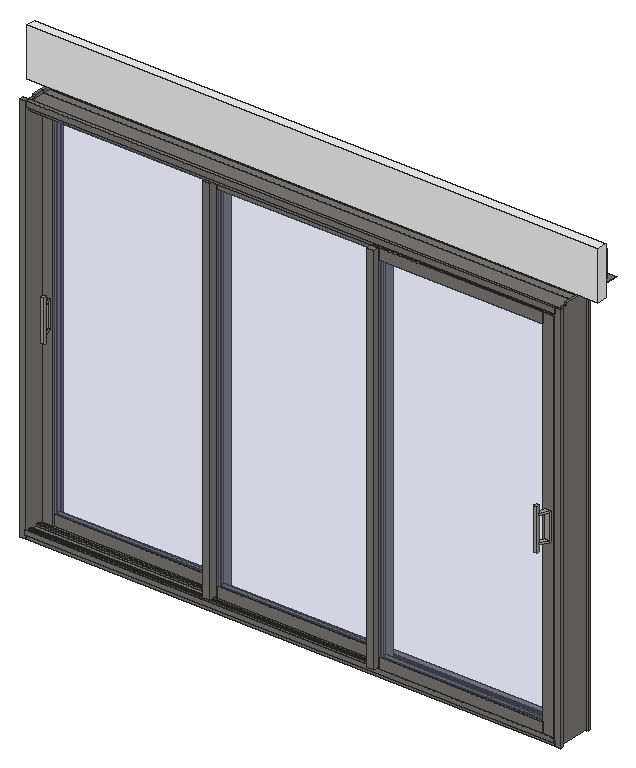
Revit family "K-LINE COULISSANT NEUF-KLBC3R-3V - Bloc Baie VR", category Fenêtres, Revit 2017
Family settings
  Hôte = Mur
  Numéro OmniClass = 23.30.20.00
  Titre OmniClass = Windows
  Toujours verticalement = Oui
  Couper avec des vides une fois chargée = Non
  Partagée = Non
  Point de calcul de pièce = Non
Parameters
  Vitrage principal = ""
  Vitrage = Verre
  Visibilité des lames [instance] = yes
  URL = "https://pro.k-line.fr/baie-coulissante-3-rails.html"
  Type porte fenêtre = Hauteur > 1600.00 mm  # yes
  Type fenêtre = not(Type porte fenêtre)  # no
  Type de pose = "ITI"
  Type d'occultation = Bloc Baie VR : Demi Linteau Optibloc SPPF
  Transmission thermique Uw = 1.4000 W/(m²·K)
  Transmission lumineuse TLw = "70%"
  Thermo G = Type d'occultation = Choix Thermo G  # no
  Symbole d'ouverture = yes
  Surface = Largeur * Hauteur  # 6.60 m²
  SAV = "https://sav.k-line.fr/"
  Retrait 40 = and(not(Optibloc 40), not(Optibloc 60))  # yes
  Rattrapage doublage = or(Doublage = 160.00 mm, and(Doublage = 200.00 mm, Optibloc 40), and(Doublage = 220.00 mm, Optibloc 60))  # no
  Product data url = "https://www.bimobject.com/k-line/product/klbc3r-3vt-bbvr"
  Position traverse inter = Position du dessus de traverse - 69.00 mm  # 931.00 mm
  Position ouv central [instance] = if(Coulissant ouvert, Largeur * 2 / 3 - 78.00 mm, Largeur / 3 + 20.00 mm)  # 1020.00 mm
  Position du dessus de traverse = 1000.00 mm
  Position doublage = if(or(Doublage = 160.00 mm, and(Optibloc 40, Doublage = 200.00 mm), and(Optibloc 60, Doublage = 220.00 mm)), 20.00 mm, 0.00 mm)  # 0.00 mm
  Position de l'ouvrant [instance] = if(Coulissant ouvert, Largeur * 2 / 3 - 182.00 mm, 4.00 mm)  # 4.00 mm
  Position coffre = if(DL Buben, 30.00 mm, if(Classic, 25.00 mm, 32.00 mm))  # 32.00 mm
  Outil de thermo-luminosité = "https://pro.k-line.fr/le-calculateur-de-performances-thermiques-thermo-luminositer.html"
  Origine France Garantie = "https://pro.k-line.fr/pdf/attestations/Attestation_definitive_OFG_K-LINE.pdf"
  Option de sous-face alu Ext = yes
  Option Sans bavette = no
  Optibloc 60 = Type d'occultation = Choix Optibloc 60  # no
  Optibloc 40 = Type d'occultation = Choix Optibloc 40  # no
  Optibloc = Type d'occultation = Choix Optibloc  # yes
  Occultation = if(Classic, "VR Classic BUBENDORFF", if(DL Buben, "VR Demi Linteau BUBENDORFF", if(Optibloc, "VR Demi Linteau Optibloc SPPF", if(Optibloc 40, "VR Demi Linteau Optibloc SPPF décalé 40 mm", if(Optibloc 60, "VR Demi Linteau Optibloc SPPF décalé 60 mm", "Thermobloc SPPF")))))  # "VR Demi Linteau Optibloc SPPF"
  Numéro de série = "K.........."
  Note d'identification = "08520"
  Nombre de traverses intermédiaires = 0.00 mm
  Neuf / Réno / Multi support = "Neuf"
  Mortaise et grille d'entrée d'air = "Non"
  Modèle = if(Classic, "KL-BC3R-3V - Bloc Baie Classic BUBENDORFF", if(DL Buben, "KL-BC3R-3V - Bloc Baie Demi Linteau BUBENDORFF", if(Optibloc, "KL-BC3R-3V - Bloc Baie Demi Linteau Optibloc SPPF", if(Optibloc 40, "KL-BC3R-3V - Bloc Baie Demi Linteau Optibloc SPPF", if(Optibloc 60, "KL-BC3R-3V - Bloc Baie Demi Linteau Optibloc SPPF", "KL-BC3R-3V - Bloc Baie Thermobloc SPPF")))))  # "KL-BC3R-3V - Bloc Baie Demi Linteau Optibloc SPPF"
  Message Hors abaques [instance] = yes
  Matériaux = "Aluminium et verre"
  Largeur ouvrant = Largeur / 3 + 36.00 mm  # 1036.00 mm
  Largeur ouv central = Largeur / 3  # 1000.00 mm
  Rough Width [instance] = Largeur  # 3000.00 mm
  Installation instructions = "https://pro.k-line.fr/notices-de-pose.html"
  Ht store = Hauteur - 16.00 mm  # 2184.00 mm
  Hors abaques Porte Fenetre = or(or(1300.00 mm > Largeur, Largeur > 3000.00 mm), or(1601.00 mm > Hauteur, Hauteur > 2400.00 mm))  # no
  Hors abaques Fenetre = or(or(1200.00 mm > Largeur, Largeur > 3000.00 mm), or(500.00 mm > Hauteur, Hauteur > 1600.00 mm))  # yes
  Hors abaques [instance] = and(if(Type fenêtre, Hors abaques Fenetre, Hors abaques Porte Fenetre), Message Hors abaques)  # no
  Hauteur ouvrant = Hauteur - Décalage traverse haute - 57.00 mm  # 2143.00 mm
  Rough Height [instance] = Hauteur  # 2200.00 mm
  Hauteur = 2200.00 mm
  Hauteur de l'appui par défaut = if(Type porte fenêtre, 0.00 mm, 800.00 mm)  # 0.00 mm
  Grande Hauteur = or(and(Hauteur > 2400.00 mm, Largeur > 2700.00 mm), and(Hauteur > 2350.00 mm, Largeur > 2900.00 mm))  # no
  Garanties = "https://www.pro.k-line.fr/pdf/Attestations-Avis_technique/Responsabilite_fabricant/Garanties_Legales_KLINE.pdf"
  Fermeture du mur = Par hôte
  Largeur = 3000.00 mm
  Famille de produit = "COULISSANT"
  Facteur solaire ScW (Hiver) = 0.56
  Fabricant = "K.LINE"
  Entretien = "https://www.pro.k-line.fr/pdf/Fiches_Entretien/Entretien_Menuiserie.pdf"
  Entreprise de pose = ""
  Dépassement lat coffre = if(or(Optibloc, Optibloc 40, Optibloc 60), 120.00 mm, if(DL Buben, 160.00 mm, 32.00 mm))  # 120.00 mm
  Décalage traverse haute = 32.00 mm - Position coffre  # 0.00 mm
  Décalage appui = if(Type fenêtre, 140.00 mm, 150.00 mm)  # 150.00 mm
  Décal appui = Doublage - Décalage appui  # 50.00 mm
  Doublages disponibles = if(Optibloc 40, "200,220 et 240mm", if(Optibloc 60, "220 et 240mm", "160,180 et 200mm"))  # "160,180 et 200mm"
  Doublage + rattrapage = Doublage + Position doublage  # 200.00 mm
  Doublage = 200.00 mm
  Description = "Fenêtre et porte fenêtre coulissante alu 3 rails"
  DL Buben = Type d'occultation = Choix DL Buben  # no
  Coulissant ouvert [instance] = no
  Couleur lames de volet = SPPF - Gris sablé 2900
  Couleur châssis Int = K.Line Tendance Gris sablé (2900) - NX
  Couleur châssis Ext = K.Line Tendance Gris sablé (2900) - NX
  Couleur Accessoire Int = K.Line Accessoires Aspect Inox - TD
  Contraintes de Largeur = if(Type fenêtre, "1200 < Largeur < 3000", "1300 < Largeur < 3000")  # "1300 < Largeur < 3000"
  Contraintes de Hauteur = if(Type fenêtre, "500 < Hauteur < 1600", "1601 < Hauteur < 2400")  # "1601 < Hauteur < 2400"
  Construction analytique = "<Aucun>"
  Rattrapage avec aile = and(Type fenêtre, Rattrapage doublage)  # no
  Composition analytique de base = "Châssis 3500x2180 - Vitrage 4/WE Argon 20/TBE 4"
  Code d'assemblage = "B2020110"
  Classic = Type d'occultation = Choix Classic  # no
  Classement AEV = "A*4 E*6B V*A3"
  Classe COV = "A+"
  Clair passage total = Largeur * 2 / 3 - 195.00 mm  # 1805.00 mm
  Choix Thermo G = Bloc Baie VR : Thermobloc Grand SPPF
  Choix Optibloc 60 = Bloc Baie VR : Demi Linteau Optibloc décalé 60 mm SPPF
  Choix Optibloc 40 = Bloc Baie VR : Demi Linteau Optibloc décalé 40 mm SPPF
  Choix Optibloc = Bloc Baie VR : Demi Linteau Optibloc SPPF
  Choix DL Buben = Bloc Baie VR : Demi Linteau BUBENDORFF
  Choix Classic = Bloc Baie VR : Classic BUBENDORFF
  Avis technique = "https://pro.k-line.fr/attestations-avis-techniques.html"
  Affaiblissement acoustique R(A,tr) = "30dB"
Reference planes
  plane 1 "Centre (avant/arrière)": y = 0
  plane 2 "Centre (gauche/droite)": x = 0
  plane 3 "Gauche": x = -1500
  plane 4 "Droite": x = 1500
  plane 5 "Appui": z = 0
  plane 6 "Tête": z = 2200
  plane 7 "Extérieur": y = 200
  plane 8 "Intérieur": y = -200
  plane 9: x = -1532
  plane 10 "Nu béton": y = 0
  plane 11: x = 1532
  plane 12: z = 2232
  plane 13: y = -5
  plane 14: y = -13
  plane 15: z = 44
  plane 16: x = 1496
  plane 17: x = -1496
  plane 18: y = -400
  plane 19: x = 480
  plane 20: x = -1620
  plane 21: x = 1620
  plane 22: z = 16
  plane 23: y = -50
  plane 24: z = -30
Forms (mm)
  Extrusion 1, void
    sketch origin (0, 0, 0) x (1, 0, 0) y (0, 1, 0)
      loop
        line (-1500, 200) -> (-1500, -50) -> (1500, -50) -> (1500, 200) -> (-1500, 200)
    from -30 to 2200
  Extrusion 2, void
    sketch origin (0, 0, 0) x (1, 0, 0) y (0, 1, 0)
      loop
        line (-1532, 0) -> (-1532, -13) -> (-1515, -13) -> (-1515, -200) -> (1515, -200) -> (1515, -13) -> (1532, -13) -> (1532, 0) -> (-1532, 0)
    from 0 to 2232
  Sweep 3, void
    path origin (0, 0, 0) x (-1, 0, 0) y (0, 0, 1)
      loop
        line (-1620, 2200) -> (1620, 2200)
    profile "Profil 2D de resa bloc baie : Profil 2D de resa bloc baie" origin (0, 0, 2200) x (0, 0, 1) y (0, 1, 0)
      loop
        line (260, 105) -> (225, 140) -> (0, 140) -> (0, -60) -> (305, -60) -> (305, 0) -> (260, 0) -> (260, 105)
Text (mm)
  text "EXTERIEUR" at (-1963.203, 1332.353, 0), in view "Niveau de réf."
  text "INTERIEUR" at (-1981.466, -818.386, 0), in view "Niveau de réf."
  text "Extérieur" at (0, 923.751, 2943.296), in view "Droite"
  text "Extérieur" at (0, 1040.484, 2685.409), in view "Gauche"
Dimensions and locks
  equal spacing: plane 3 "Gauche", plane 2 "Centre (gauche/droite)", plane 4 "Droite"
  "Largeur": plane 3 "Gauche" to plane 4 "Droite"
  "Hauteur": plane 5 "Appui" to plane 6 "Tête"
  "Hauteur de l'appui par défaut": plane 5 "Appui" to level
  locked: plane 7 "Extérieur" to host wall at 0
  locked: plane 8 "Intérieur" to host wall
  locked: plane 9 to plane 3 "Gauche" at 32
  locked: plane 4 "Droite" to plane 11 at 32
  "Doublage": plane 10 "Nu béton" to plane 8 "Intérieur"
  "Position coffre": plane 12 to plane 6 "Tête"
  locked: plane 13 to plane 10 "Nu béton" at 5
  locked: plane 10 "Nu béton" to plane 14 at 13
  locked: plane 5 "Appui" to plane 15 at 44
  "Position de l'ouvrant": plane 16 to plane 4 "Droite"
  locked: plane 3 "Gauche" to plane 17 at 4
  locked: plane 18 to plane 8 "Intérieur" at 200
  "Position ouv central": plane 19 to plane 4 "Droite"
  "Dépassement lat coffre": plane 20 to plane 3 "Gauche"
  "Dépassement lat coffre": plane 21 to plane 4 "Droite"
  locked: plane 22 to plane 5 "Appui" at 16
  "Décal appui": plane 10 "Nu béton" to plane 23
  locked: plane 24 to plane 5 "Appui" at 30
  aligned and locked: Extrusion 1 sketch curve to host wall
  aligned and locked: Extrusion 1 sketch curve to plane 3 "Gauche"
  aligned and locked: plane 4 "Droite" to Extrusion 1 sketch curve
  aligned and locked: Extrusion 1 to plane 6 "Tête"
  aligned and locked: Extrusion 2 sketch curve to plane 10 "Nu béton"
  aligned and locked: plane 9 to Extrusion 2 sketch curve
  aligned and locked: Extrusion 2 sketch curve to host wall
  aligned and locked: plane 11 to Extrusion 2 sketch curve
  aligned and locked: plane 12 to Extrusion 2
  aligned and locked: plane 5 "Appui" to Extrusion 2
  aligned and locked: Extrusion 2 sketch curve to plane 14  (x2)
  aligned and locked: nested 2 to plane 16
  aligned and locked: nested 1 to plane 17
  aligned and locked: nested 2 to plane 15
  aligned and locked: plane 15 to nested 1
  aligned and locked: nested 3 to plane 2 "Centre (gauche/droite)"
  aligned and locked: nested 3 to plane 18
  aligned and locked: nested 4 to plane 2 "Centre (gauche/droite)"
  aligned and locked: nested 1 to nested 4
  aligned and locked: nested 5 to nested 4
  aligned and locked: plane 19 to nested 5
  aligned and locked: plane 15 to nested 5
  aligned and locked: nested 2 to nested 4
  aligned and locked: nested 4 to plane 5 "Appui"
  aligned and locked: plane 2 "Centre (gauche/droite)" to nested 6
  aligned and locked: nested 6 to plane 13
  aligned and locked: plane 6 "Tête" to Sweep 3 sketch curve
  aligned and locked: nested 6 to plane 22
  aligned and locked: Extrusion 1 sketch curve to plane 23
  aligned and locked: Extrusion 1 to plane 24
  aligned and locked: nested 4 to plane 10 "Nu béton"
Automatic sketch dimensions
  plane 9 to Extrusion 2 sketch curve = 17.00 mm
  Extrusion 2 sketch curve to Extrusion 2 sketch curve = 17.00 mm
  plane 21 to Sweep 3 sketch curve = 0.00 mm
  Sweep 3 sketch curve to plane 20 = 0.00 mm
Nested families
  nested 1: "Ouvrant KLBC" at (-1496, -85, 44) x (-1, 0, 0) z (0, 0, 1), type "Ouvrant KLBC"
    with Vantail Int no, Vantail Ext yes, Renfort PF no, Position symbole 120.00 mm, Poignée PF yes, Poignée F no, Poignée CPI no, Position traverses 689.667 mm, Porte fenêtre yes, Lg vitrage 963.50 mm, Lg traverse 933.50 mm, Largeur 1036.00 mm, Ht vitrage 2047.00 mm, Ht traverse 1 931.00 mm, Hauteur 2143.00 mm, Fenêtre no
  nested 2: "Ouvrant KLBC" at (1496, -195, 44), type "Ouvrant KLBC"
    with Vantail Int yes, Vantail Ext no, Renfort PF yes, Position symbole 85.00 mm, Poignée PF yes, Poignée F no, Poignée CPI no, Position traverses 689.667 mm, Porte fenêtre yes, Lg vitrage 963.50 mm, Lg traverse 933.50 mm, Largeur 1036.00 mm, Ht vitrage 2047.00 mm, Ht traverse 1 931.00 mm, Hauteur 2143.00 mm, Fenêtre no
  nested 3: "Texte Hors abaques" at (0, -400, 0), visible <- "Hors abaques", type "Texte Hors abaques"
  nested 4: "Dormant KL-BC3R NEUF" at (0, -216.75, 0), type "Dormant KL-BC3R NEUF"
    with Retrait 40 yes, Retrait 40.00 mm, Rattrapage doublage no, Largeur 3000.00 mm, Joint en trav haute no, Ep aile rattrapage 20.00 mm, Décalage traverse haute 0.00 mm, Doublage - Retrait 160.00 mm, Aile + Rattrapage no
  nested 5: "Ouvrant central KLBC3R" at (-500, -140, 44) x (-1, 0, 0) z (0, 0, 1), type "Ouvrant central KLBC3R"
    with Lg vitrage 950.00 mm, Lg traverse 920.00 mm, Largeur 1000.00 mm
  nested 6: "Bloc Baie VR" at (0, -5, 16) x (-1, 0, 0) z (0, 0, 1), Visibilité des lames <- "Visibilité des lames", type <- "Type d'occultation", Largeur <- "Largeur", Hauteur <- "Ht store", type "Demi Linteau Optibloc SPPF"
    with Visibilité des lames yes, Largeur 3000.00 mm, Hauteur 2184.00 mm, Sous-face yes, Sous face cornière blanc no, Option Sous face yes
Definition of nested family "Ouvrant KLBC"
  Parameters (values of type "Ouvrant KLBC")
    Vitrage = none
    Visibilité ouverture = yes
    Vantail Int [instance] = not(Vantail Ext)  # no
    Vantail Ext [instance] = yes
    Renfort PF [instance] = and(Vantail Int, Porte fenêtre)  # no
    Profondeur renfort = if(Mt renforcé, 53.75 mm, 32.00 mm)  # 32.00 mm
    Position traverses = if([3 traverses], (Height - 274.00 mm) / 4 + 50.00 mm, (Height - 224.00 mm) / 3 + 50.00 mm)  # 456.333 mm
    Position symbole [instance] = if(Vantail Int, 85.00 mm, 120.00 mm)  # 120.00 mm
    Porte fenêtre = no
    Poignée PF [instance] = and(Porte fenêtre, not(Poignée CPI))  # no
    Poignée F [instance] = and(Fenêtre, not(Poignée CPI))  # yes
    Poignée CPI [instance] = and(Vantail Int, CPI)  # no
    Nb traverses = 0.00 mm
    Mt renforcé = no
    Lg vitrage = Width - 72.50 mm  # 1143.50 mm
    Lg traverse = Width - 102.50 mm  # 1113.50 mm
    Width = 1216.00 mm
    Ht vitrage = Height - 96.00 mm  # 1347.00 mm
    Ht traverse 1 = 431.00 mm
    Height = 1443.00 mm
    Fenêtre = yes
    Couleur châssis Int = none
    Couleur châssis Ext = none
    Couleur Accessoire Int = none
    Analytic Construction = "<Aucun>"
    CPI = no
    3 traverses = Nb traverses = 3.00 mm  # no
    2 traverses = or(Nb traverses = 2.00 mm, Nb traverses = 3.00 mm)  # no
    1 traverse = Nb traverses = 1.00 mm  # no
  Reference planes
    plane 1 "Centre (avant/arrière)": y = 0
    plane 2: z = 0
    plane 3 "Centre (gauche/droite)": x = 0
    plane 4: x = -1216
    plane 5: y = 21.75
    plane 6 "Nu ext": y = -21.75
    plane 7: x = -62.5
    plane 8: x = -47.5
    plane 9: x = -13
    plane 10: x = -1176
    plane 11: x = -1191
    plane 12: x = -1196
    plane 13: y = -14
    plane 14: y = 14
    plane 15: y = -8
    plane 16: y = 8
    plane 17: x = -1213
    plane 18: y = 28.25
    plane 19: z = 1443
    plane 20: z = 721.5
    plane 21: z = 62
    plane 22: z = 48
    plane 23: z = 13
    plane 24: y = -20
    plane 25: y = 20
    plane 26: z = 1381
    plane 27: z = 1395
    plane 28: z = 1430
    plane 29: x = -31.5
    plane 30: x = -619.25
    plane 31: y = -28.25
    plane 32: y = 53.75
    plane 33: z = 493.333
    plane 34: z = 949.667
    plane 35: z = 1406
    plane 36: z = 1862.333
    plane 37: z = 37
    plane 38: z = 431
    plane 39: y = 120
    plane 40: z = 1253
    plane 41: y = 46.75
  Forms (mm)
    Extrusion 1, solid, material <- "Couleur châssis Int"
      sketch origin (0, 0, 0) x (1, 0, 0) y (0, 1, 0)
        loop
          line (-62.5, 21.75) -> (-62.5, 14) -> (-47.5, 14) -> (-47.5, 0) -> (-13, 0) -> (-13, 8) -> (0, 8) -> (0, 21.75) -> (-62.5, 21.75)
      from 0 to 1443
    Extrusion 2, solid, material <- "Couleur châssis Ext"
      sketch origin (0, 0, 0) x (1, 0, 0) y (0, 1, 0)
        loop
          line (-62.5, -21.75) -> (0, -21.75) -> (0, -8) -> (-13, -8) -> (-13, 0) -> (-47.5, 0) -> (-47.5, -14) -> (-62.5, -14) -> (-62.5, -21.75)
      from 0 to 1443
    Extrusion 3, solid, visible <- "Vantail Ext"
      sketch origin (0, 0, 0) x (1, 0, 0) y (0, 1, 0)
        loop
          line (-1213, 28.25) -> (-1213, -14) -> (-1191, -14) -> (-1191, 14) -> (-1176, 14) -> (-1176, 21.75) -> (-1196, 21.75) -> (-1196, 28.25) -> (-1213, 28.25)
      from 0 to 1443
    Extrusion 4, solid, material <- "Couleur châssis Ext", visible <- "Vantail Ext"
      sketch origin (0, 0, 0) x (1, 0, 0) y (0, 1, 0)
        loop
          line (-1216, 28.25) -> (-1216, -21.75) -> (-1176, -21.75) -> (-1176, -14) -> (-1213, -14) -> (-1213, 28.25) -> (-1216, 28.25)
      from 0 to 1443
    Extrusion 5, solid, material <- "Couleur châssis Ext"
      sketch origin (0, 0, 0) x (0, 1, 0) y (0, 0, 1)
        loop
          line (-20, 62) -> (-20, 0) -> (-8, 0) -> (-8, 13) -> (0, 13) -> (0, 48) -> (-14, 48) -> (-14, 62) -> (-20, 62)
        loop
          line (-20, 1381) -> (-14, 1381) -> (-14, 1395) -> (0, 1395) -> (0, 1430) -> (-8, 1430) -> (-8, 1443) -> (-20, 1443) -> (-20, 1381)
      from -62.5 to -1176
    Extrusion 6, void
      sketch origin (0, 0, 0) x (0, 1, 0) y (0, 0, 1)
        loop
          line (-8, 13) -> (-8, 0) -> (8, 0) -> (8, 13) -> (-8, 13)
        loop
          line (-8, 1430) -> (8, 1430) -> (8, 1443) -> (-8, 1443) -> (-8, 1430)
      from 0 to -1216
    Extrusion 7, solid, material <- "Couleur châssis Int"
      sketch origin (0, 1.25, 0.625) x (0, -1, 0) y (0, 0, -1)
        loop
          line (-18.75, -61.375) -> (-12.75, -61.375) -> (-12.75, -47.375) -> (1.25, -47.375) -> (1.25, -12.375) -> (-6.75, -12.375) -> (-6.75, 0.625) -> (-18.75, 0.625) -> (-18.75, -61.375)
        loop
          line (-18.75, -1380.375) -> (-18.75, -1442.375) -> (-6.75, -1442.375) -> (-6.75, -1429.375) -> (1.25, -1429.375) -> (1.25, -1394.375) -> (-12.75, -1394.375) -> (-12.75, -1380.375) -> (-18.75, -1380.375)
      from -62.5 to -1176
    Extrusion 8, solid, material <- "Couleur châssis Int", visible <- "Vantail Int"
      sketch origin (0, 0, 0) x (1, 0, 0) y (0, 1, 0)
        loop
          line (-1216, -28.25) -> (-1213, -28.25) -> (-1213, 14) -> (-1176, 14) -> (-1176, 21.75) -> (-1216, 21.75) -> (-1216, -28.25)
      from 0 to 1443
    Extrusion 9, solid, visible <- "Vantail Int"
      sketch origin (0, 0, 0) x (1, 0, 0) y (0, 1, 0)
        loop
          line (-1213, -28.25) -> (-1196, -28.25) -> (-1196, -21.75) -> (-1176, -21.75) -> (-1176, -14) -> (-1191, -14) -> (-1191, 14) -> (-1213, 14) -> (-1213, -28.25)
      from 0 to 1443
    Extrusion 10, solid, material <- "Couleur châssis Int", visible <- "Renfort PF"
      sketch origin (0, 0, 0) x (1, 0, 0) y (0, 1, 0)
        loop
          line (-1216, 53.75) -> (-1216, 21.75) -> (-1176, 21.75) -> (-1176, 53.75) -> (-1216, 53.75)
      from 13 to 1443
    Extrusion 11, solid, material <- "Couleur Accessoire Int", visible <- "Poignée CPI"
      sketch origin (0, -21.75, 0) x (-1, 0, 0) y (0, 0, -1)
        loop
          line (13, -1443) -> (47.5, -1443) -> (47.5, -1257)
          arc (47.5, -1257) -> (46.328, -1254.172) -> (43.5, -1253) r 4
          line (43.5, -1253) -> (17, -1253)
          arc (17, -1253) -> (14.172, -1254.172) -> (13, -1257) r 4
          line (13, -1257) -> (13, -1443)
      from -43.5 to -68.5
  Cuts and joins
    Extrusion 6 cuts Extrusion 5
    Extrusion 6 cuts Extrusion 4
    Extrusion 6 cuts Extrusion 3
    Extrusion 6 cuts Extrusion 1
    Extrusion 6 cuts Extrusion 2
    Extrusion 6 cuts Extrusion 8
    Extrusion 6 cuts Extrusion 9
  Lines and regions (mm)
    symbolic lines, visible <- "Visibilité ouverture"
      curve 1: line (-719.25, -21.75, 721.5) -> (-519.25, -21.75, 721.5)
      curve 2: line (-719.25, -21.75, 721.5) -> (-682.998, -21.75, 738.405)
      curve 3: line (-719.25, -21.75, 721.5) -> (-682.998, -21.75, 704.595)
      curve 4: line (-719.25, 120, 0) -> (-519.25, 120, 0)
      curve 5: line (-719.25, 120, 0) -> (-680.613, 130.353, 0)
      curve 6: line (-719.25, 120, 0) -> (-680.613, 109.647, 0)
    model lines, visible <- "Visibilité ouverture"
      curve 7: line (-519.25, -21.75, 721.5) -> (-719.25, -21.75, 721.5)
      curve 8: line (-719.25, -21.75, 721.5) -> (-682.998, -21.75, 704.595)
      curve 9: line (-682.998, -21.75, 738.405) -> (-719.25, -21.75, 721.5)
  Dimensions and locks
    "Width": plane 4 to plane 3 "Centre (gauche/droite)"
    locked: plane 5 to plane 1 "Centre (avant/arrière)" at 21.75
    locked: plane 6 "Nu ext" to plane 1 "Centre (avant/arrière)" at 21.75
    locked: plane 7 to plane 3 "Centre (gauche/droite)" at 62.5
    locked: plane 7 to plane 8 at 15
    locked: plane 9 to plane 3 "Centre (gauche/droite)" at 13
    locked: plane 10 to plane 11 at 15
    locked: plane 4 to plane 12 at 20
    locked: plane 12 to plane 10 at 20
    locked: plane 6 "Nu ext" to plane 13 at 7.75
    locked: plane 5 to plane 14 at 7.75
    locked: plane 15 to plane 1 "Centre (avant/arrière)" at 8
    locked: plane 16 to plane 1 "Centre (avant/arrière)" at 8
    locked: plane 4 to plane 17 at 3
    locked: plane 6 "Nu ext" to plane 18 at 50
    "Height": plane 19 to plane 2
    equal spacing: plane 19, plane 20, plane 2
    locked: plane 21 to plane 2 at 62
    locked: plane 21 to plane 22 at 14
    locked: plane 2 to plane 23 at 13
    locked: plane 24 to plane 13 at 6
    locked: plane 25 to plane 14 at 6
    locked: plane 26 to plane 27 at 14
    locked: plane 19 to plane 28 at 13
    locked: plane 26 to plane 19 at 62
    locked: plane 29 to plane 3 "Centre (gauche/droite)" at 31.5
    equal spacing: plane 11, plane 30, plane 8
    locked: plane 5 to plane 31 at 50
    "Profondeur renfort": plane 32 to plane 5
    "Position traverses": plane 34 to plane 33
    "Position traverses": plane 35 to plane 34
    "Position traverses": plane 36 to plane 35
    locked: plane 21 to plane 37 at 25
    "Position traverses": plane 33 to plane 37
    "Ht traverse 1": plane 38 to plane 2
    "Position symbole": plane 39 to plane 1 "Centre (avant/arrière)"
    locked: plane 19 to plane 40 at 190
    locked: plane 41 to plane 5 at 25
    aligned and locked: level to plane 2
    aligned and locked: plane 7 to Extrusion 1 sketch curve
    aligned and locked: Extrusion 1 sketch curve to plane 5
    aligned and locked: Extrusion 1 sketch curve to plane 14
    aligned and locked: plane 8 to Extrusion 1 sketch curve
    aligned and locked: Extrusion 1 sketch curve to plane 1 "Centre (avant/arrière)"
    aligned and locked: Extrusion 1 sketch curve to plane 9
    aligned and locked: plane 16 to Extrusion 1 sketch curve
    aligned and locked: Extrusion 1 sketch curve to plane 3 "Centre (gauche/droite)"
    aligned and locked: plane 9 to Extrusion 2 sketch curve
    aligned and locked: Extrusion 2 sketch curve to plane 15
    aligned and locked: plane 3 "Centre (gauche/droite)" to Extrusion 2 sketch curve
    aligned and locked: plane 6 "Nu ext" to Extrusion 2 sketch curve
    aligned and locked: Extrusion 2 sketch curve to plane 7
    aligned and locked: plane 13 to Extrusion 2 sketch curve
    aligned and locked: Extrusion 2 sketch curve to plane 8
    aligned and locked: Extrusion 2 sketch curve to plane 1 "Centre (avant/arrière)"
    aligned and locked: plane 17 to Extrusion 3 sketch curve
    aligned and locked: plane 12 to Extrusion 3 sketch curve
    aligned and locked: plane 10 to Extrusion 3 sketch curve
    aligned and locked: plane 11 to Extrusion 3 sketch curve
    aligned and locked: plane 13 to Extrusion 3 sketch curve
    aligned and locked: plane 4 to Extrusion 4 sketch curve
    aligned and locked: Extrusion 4 sketch curve to plane 17
    aligned and locked: Extrusion 4 sketch curve to plane 13
    aligned and locked: plane 10 to Extrusion 4 sketch curve
    aligned and locked: Extrusion 4 sketch curve to plane 6 "Nu ext"
    aligned and locked: Extrusion 4 sketch curve to plane 18
    aligned and locked: Extrusion 3 sketch curve to plane 18
    aligned and locked: Extrusion 3 sketch curve to plane 5
    aligned and locked: Extrusion 3 sketch curve to plane 14
    aligned and locked: Extrusion 4 to plane 2
    aligned and locked: Extrusion 3 to plane 2
    aligned and locked: Extrusion 1 to plane 2
    aligned and locked: Extrusion 2 to plane 2
    aligned and locked: plane 19 to Extrusion 1
    aligned and locked: plane 19 to Extrusion 2
    aligned and locked: plane 19 to Extrusion 3
    aligned and locked: plane 19 to Extrusion 4
    aligned and locked: plane 24 to Extrusion 5 sketch curve
    aligned and locked: plane 21 to Extrusion 5 sketch curve
    aligned and locked: plane 13 to Extrusion 5 sketch curve
    aligned and locked: plane 22 to Extrusion 5 sketch curve
    aligned and locked: Extrusion 5 sketch curve to plane 1 "Centre (avant/arrière)"
    aligned and locked: plane 23 to Extrusion 5 sketch curve
    aligned and locked: Extrusion 5 sketch curve to plane 2
    aligned and locked: Extrusion 5 sketch curve to plane 24
    aligned and locked: Extrusion 5 sketch curve to plane 19
    aligned and locked: Extrusion 5 sketch curve to plane 28
    aligned and locked: plane 1 "Centre (avant/arrière)" to Extrusion 5 sketch curve
    aligned and locked: Extrusion 5 sketch curve to plane 27
    aligned and locked: Extrusion 5 sketch curve to plane 13
    aligned and locked: Extrusion 5 sketch curve to plane 26
    aligned and locked: plane 15 to Extrusion 5 sketch curve
    aligned and locked: Extrusion 5 sketch curve to plane 15
    aligned and locked: plane 23 to Extrusion 6 sketch curve
    aligned and locked: Extrusion 6 sketch curve to plane 16
    aligned and locked: plane 2 to Extrusion 6 sketch curve
    aligned and locked: Extrusion 6 sketch curve to plane 15
    aligned and locked: plane 19 to Extrusion 6 sketch curve
    aligned and locked: plane 16 to Extrusion 6 sketch curve
    aligned and locked: Extrusion 6 sketch curve to plane 28
    aligned and locked: plane 15 to Extrusion 6 sketch curve
    aligned and locked: Extrusion 6 to plane 4
    aligned and locked: plane 3 "Centre (gauche/droite)" to Extrusion 6
    aligned and locked: plane 10 to Extrusion 5
    aligned and locked: plane 7 to cut or joined group of Extrusion 5, Extrusion 6
    aligned and locked: plane 19 to Extrusion 7 sketch curve
    aligned and locked: plane 28 to Extrusion 7 sketch curve
    aligned and locked: plane 1 "Centre (avant/arrière)" to Extrusion 7 sketch curve
    aligned and locked: Extrusion 7 sketch curve to plane 16
    aligned and locked: plane 25 to Extrusion 7 sketch curve
    aligned and locked: plane 27 to Extrusion 7 sketch curve
    aligned and locked: plane 26 to Extrusion 7 sketch curve
    aligned and locked: plane 14 to Extrusion 7 sketch curve
    aligned and locked: Extrusion 7 sketch curve to plane 21
    aligned and locked: Extrusion 7 sketch curve to plane 22
    aligned and locked: Extrusion 7 sketch curve to plane 23
    aligned and locked: plane 2 to Extrusion 7 sketch curve
    aligned and locked: Extrusion 7 sketch curve to plane 25
    aligned and locked: Extrusion 7 sketch curve to plane 14
    aligned and locked: plane 16 to Extrusion 7 sketch curve
    aligned and locked: Extrusion 7 sketch curve to plane 1 "Centre (avant/arrière)"
    aligned and locked: nested 1 to plane 5
    aligned and locked: nested 1 to plane 29
    aligned and locked: nested 1 to plane 20
    aligned and locked: nested 2 to plane 29
    aligned and locked: plane 5 to nested 2
    aligned and locked: plane 20 to nested 2
    aligned and locked: plane 1 "Centre (avant/arrière)" to nested 3
    aligned and locked: plane 30 to nested 3
    aligned and locked: nested 3 to plane 22
    aligned and locked: plane 1 "Centre (avant/arrière)" to nested 4
    aligned and locked: plane 3 "Centre (gauche/droite)" to nested 4
    aligned and locked: nested 5 to plane 1 "Centre (avant/arrière)"
    aligned and locked: plane 19 to nested 5
    aligned and locked: plane 2 to nested 6
    aligned and locked: plane 1 "Centre (avant/arrière)" to nested 6
    aligned and locked: plane 4 to nested 7
    aligned and locked: plane 1 "Centre (avant/arrière)" to nested 7
    aligned and locked: nested 8 to plane 4
    aligned and locked: plane 1 "Centre (avant/arrière)" to nested 8
    aligned and locked: plane 14 to Extrusion 8 sketch curve
    aligned and locked: plane 17 to Extrusion 8 sketch curve
    aligned and locked: Extrusion 8 sketch curve to plane 4
    aligned and locked: Extrusion 9 sketch curve to plane 14
    aligned and locked: plane 13 to Extrusion 9 sketch curve
    aligned and locked: plane 6 "Nu ext" to Extrusion 9 sketch curve
    aligned and locked: Extrusion 9 sketch curve to plane 31
    aligned and locked: Extrusion 9 sketch curve to plane 12
    aligned and locked: Extrusion 9 sketch curve to plane 10
    aligned and locked: Extrusion 9 sketch curve to plane 11
    aligned and locked: Extrusion 9 sketch curve to plane 17
    aligned and locked: Extrusion 8 sketch curve to plane 31
    aligned and locked: plane 10 to Extrusion 7
    aligned and locked: plane 19 to Extrusion 8
    aligned and locked: plane 19 to Extrusion 9
    aligned and locked: Extrusion 9 to plane 2
    aligned and locked: Extrusion 8 to plane 2
    aligned and locked: plane 5 to Extrusion 8 sketch curve
    aligned and locked: Extrusion 10 sketch curve to plane 32
    aligned and locked: plane 4 to Extrusion 10 sketch curve
    aligned and locked: plane 10 to Extrusion 10 sketch curve
    aligned and locked: plane 5 to Extrusion 10 sketch curve
    aligned and locked: plane 23 to Extrusion 10
    aligned and locked: plane 19 to Extrusion 10
    aligned and locked: nested 9 to plane 30
    aligned and locked: nested 9 to plane 1 "Centre (avant/arrière)"
    aligned and locked: plane 33 to nested 10
    aligned and locked: plane 34 to nested 11
    aligned and locked: plane 35 to nested 12
    aligned and locked: nested 12 to plane 1 "Centre (avant/arrière)"
    aligned and locked: nested 11 to plane 1 "Centre (avant/arrière)"
    aligned and locked: nested 10 to plane 1 "Centre (avant/arrière)"
    aligned and locked: plane 38 to nested 9
    aligned and locked: nested 10 to plane 30
    aligned and locked: nested 11 to plane 30
    aligned and locked: nested 12 to plane 30
    aligned and locked: plane 19 to Extrusion 11 sketch curve
    aligned and locked: plane 9 to Extrusion 11 sketch curve
    aligned and locked: Extrusion 11 sketch curve to plane 40
    aligned and locked: Extrusion 11 sketch curve to plane 8
    aligned and locked: plane 41 to Extrusion 11
    aligned and locked: Extrusion 11 to plane 5
  Automatic sketch dimensions
    curve 6 to plane 39 = 0.00 mm
    curve 6 to plane 30 = 100.00 mm
    plane 30 to curve 4 = 100.00 mm
    plane 39 to curve 5 = 10.353 mm
    curve 4 to curve 5 = 38.637 mm
    curve 6 to plane 39 = 10.353 mm
    curve 6 to curve 5 = 0.00 mm
    Extrusion 8 sketch curve to plane 10 = 0.00 mm
    curve 9 to plane 20 = 0.00 mm
    plane 20 to curve 8 = 16.905 mm
    plane 30 to curve 8 = 63.748 mm
    curve 3 to curve 7 = 36.252 mm
    curve 7 to plane 30 = 100.00 mm
    curve 1 to curve 7 = 0.00 mm
    curve 2 to plane 20 = 16.905 mm
    curve 2 to curve 3 = 0.00 mm
    plane 9 to Extrusion 11 sketch curve = 4.00 mm
    Extrusion 11 sketch curve to Extrusion 11 sketch curve = 4.00 mm
  Nested families
    nested 1: "Poignée 24751" at (-31.5, 21.75, 721.5), visible <- "Poignée PF", type "Poignée 24751", detail levels fine
    nested 2: "KLBC_Poignée 102217" at (-31.5, 21.75, 721.5) x (-1, 0, 0) z (0, 0, 1), visible <- "Poignée F", type "KLBC_Poignée 102217", detail levels fine
    nested 3: "Vitrage" at (-619.25, 0, 48), Width <- "Lg vitrage", Height <- "Ht vitrage", type "Vitrage"
      with Width 1143.50 mm, Height 1347.00 mm
    nested 4: "Détail 2D - KLBC - Profil ouvrant" at (-62.5, 0, 0) x (0, -1, 0) z (0, 0, 1), type "Détail 2D - KLBC - Profil ouvrant"
      with Traverse no, Pf vitrage 15.00 mm, Lg 43.50 mm, Ht 62.50 mm
    nested 5: "Détail 2D - KLBC - Profil ouvrant" at (0, 0, 1381) x (0, 1, 0) z (1, 0, 0), type "Détail 2D - KLBC - Profil ouvrant"
      with Traverse yes, Pf vitrage 14.00 mm, Lg 40.00 mm, Ht 62.00 mm
    nested 6: "Détail 2D - KLBC - Profil ouvrant" at (0, 0, 62) x (0, 1, 0) z (1, 0, 0), type "Détail 2D - KLBC - Profil ouvrant"
      with Traverse yes, Pf vitrage 14.00 mm, Lg 40.00 mm, Ht 62.00 mm
    nested 7: "Détail 2D - KLBC - Montant central" at (-1216, 0, 0), visible <- "Vantail Ext", type "Détail 2D - KLBC - Montant central"
      with Profondeur 7.75 mm, Porte fenêtre no, Mt renforcé no
    nested 8: "Détail 2D - KLBC - Montant central" at (-1216, 0, 0), Porte fenêtre <- "Porte fenêtre", visible <- "Vantail Int", Mt renforcé <- "Mt renforcé", type "Détail 2D - KLBC - Montant central"
      with Profondeur 7.75 mm, Porte fenêtre no, Mt renforcé no
    nested 9: "Traverse intermédiaire" at (-619.25, 0, 431) x (-1, 0, 0) z (0, 0, 1), visible <- "1 traverse", type "Traverse intermédiaire"
      with Longueur 1113.50 mm
    nested 10: "Traverse intermédiaire" at (-619.25, 0, 493.333) x (-1, 0, 0) z (0, 0, 1), visible <- "2 traverses", type "Traverse intermédiaire"
      with Longueur 1113.50 mm
    nested 11: "Traverse intermédiaire" at (-619.25, 0, 949.667) x (-1, 0, 0) z (0, 0, 1), visible <- "2 traverses", type "Traverse intermédiaire"
      with Longueur 1113.50 mm
    nested 12: "Traverse intermédiaire" at (-619.25, 0, 1406) x (-1, 0, 0) z (0, 0, 1), visible <- "3 traverses", type "Traverse intermédiaire"
      with Longueur 1113.50 mm
  Definition of nested family "Poignée 24751"
    Parameters
      Couleur Accessoire = none
    Reference planes
      plane 1 "Centre (avant/arrière)": y = 0
      plane 2: z = 0
      plane 3 "Centre (gauche/droite)": x = 0
      plane 4: y = -65
      plane 5: x = -22.6
      plane 6: y = -57
      plane 7: y = -7
      plane 8: z = 80
      plane 9: z = 117
      plane 10: z = -80
      plane 11: z = -117
      plane 12: z = 69.2
      plane 13: z = -69.2
    Forms (mm)
      Extrusion 1, solid, material <- "Couleur Accessoire"
        sketch origin (0, 0, 0) x (1, 0, 0) y (0, 1, 0)
          loop
            line (-14, 0) -> (-14, -7) -> (14, -7) -> (14, 0) -> (-14, 0)
        from -80 to 80
      Extrusion 2, solid, material <- "Couleur Accessoire"
        sketch origin (0, 0, 0) x (1, 0, 0) y (0, 1, 0)
          loop
            arc (-15.05, -65) -> (-22.6, -46) -> (-30.15, -65) r 11
            line (-30.15, -65) -> (-15.05, -65)
        from -117 to 117
      Extrusion 3, solid, material <- "Couleur Accessoire"
        sketch origin (0, 0, 0) x (1, 0, 0) y (0, 1, 0)
          loop
            line (-14, -7) -> (-31.287, -50.252)
            arc (-31.287, -50.252) -> (-17.9, -47.055) -> (-11.871, -59.427) r 11
            line (-11.871, -59.427) -> (14, -7) -> (-14, -7)
        from 69.2 to 80
      Extrusion 4, solid, material <- "Couleur Accessoire"
        sketch origin (0, 0, 0) x (1, 0, 0) y (0, 1, 0)
          loop
            line (-14, -7) -> (-31.287, -50.252)
            arc (-31.287, -50.252) -> (-17.9, -47.055) -> (-11.871, -59.427) r 11
            line (-11.871, -59.427) -> (14, -7) -> (-14, -7)
        from -80 to -69.2
    Cuts and joins
      joined: Extrusion 1, Extrusion 2, Extrusion 3, Extrusion 4
    Dimensions and locks
      locked: plane 4 to plane 1 "Centre (avant/arrière)" at 65
      locked: plane 5 to plane 3 "Centre (gauche/droite)" at 22.6
      locked: plane 6 to plane 1 "Centre (avant/arrière)" at 57
      locked: plane 7 to plane 1 "Centre (avant/arrière)" at 7
      Extrusion 1 sketch curve to plane 3 "Centre (gauche/droite)" = 14.00 mm
      plane 3 "Centre (gauche/droite)" to Extrusion 1 sketch curve = 14.00 mm
      locked: plane 8 to plane 2 at 80
      locked: plane 2 to plane 9 at 117
      locked: plane 10 to level at 80
      locked: level to plane 11 at 117
      locked: plane 12 to plane 8 at 10.8
      locked: plane 13 to plane 10 at 10.8
      aligned and locked: level to plane 2
      aligned and locked: plane 1 "Centre (avant/arrière)" to Extrusion 1 sketch curve
      aligned and locked: plane 7 to Extrusion 1 sketch curve
      aligned and locked: plane 11 to Extrusion 2
      aligned and locked: plane 9 to Extrusion 2
      aligned and locked: plane 10 to Extrusion 1
      aligned and locked: plane 8 to Extrusion 1
      aligned and locked: Extrusion 3 to Extrusion 1
      aligned and locked: Extrusion 3 to plane 12
      aligned and locked: Extrusion 4 to Extrusion 1
      aligned and locked: Extrusion 4 to plane 13
  Definition of nested family "KLBC_Poignée 102217"
    Parameters (values of type "KLBC_Poignée 102217")
      Couleur Accessoire = none
    Reference planes
      plane 1 "Centre (avant/arrière)": y = 0
      plane 2: z = 0
      plane 3 "Centre (gauche/droite)": x = 0
      plane 4: x = -15
      plane 5: y = -24.7
      plane 6: y = -7
      plane 7: z = 13.5
      plane 8: z = 95.5
      plane 9: z = -76
      plane 10: z = 93.5
      plane 11: x = -5
      plane 12: x = 15
      plane 13: x = 5
      plane 14: z = -58
      plane 15: y = -29
    Forms (mm)
      Extrusion 1, solid, material <- "Couleur Accessoire"
        sketch origin (0, 0, 0) x (1, 0, 0) y (0, 0, 1)
          loop
            line (13, 95.5) -> (-13, 95.5)
            arc (-13, 95.5) -> (-14.414, 94.914) -> (-15, 93.5) r 2
            line (-15, 93.5) -> (-15, -74)
            arc (-15, -74) -> (-14.414, -75.414) -> (-13, -76) r 2
            line (-13, -76) -> (13, -76)
            arc (13, -76) -> (14.414, -75.414) -> (15, -74) r 2
            line (15, -74) -> (15, 93.5)
            arc (15, 93.5) -> (14.414, 94.914) -> (13, 95.5) r 2
        from 0 to 7
      Extrusion 2, solid, material <- "Couleur Accessoire"
        sketch origin (0, 0, 0) x (1, 0, 0) y (0, 0, 1)
          loop
            circle (0, 0) r 12
        from 7 to 24.7
      Extrusion 3, solid, material <- "Couleur Accessoire"
        sketch origin (0, 0, 0) x (1, 0, 0) y (0, 0, 1)
          loop
            line (5, 15.253) -> (5, 91.747)
            arc (5, 91.747) -> (4.826, 92.311) -> (4.364, 92.678) r 1
            arc (4.364, 92.678) -> (0, 93.5) -> (-4.364, 92.678) r 12
            arc (-4.364, 92.678) -> (-4.826, 92.311) -> (-5, 91.747) r 1
            line (-5, 91.747) -> (-5, 15.253)
            arc (-5, 15.253) -> (-4.826, 14.689) -> (-4.364, 14.322) r 1
            arc (-4.364, 14.322) -> (0, 13.5) -> (4.364, 14.322) r 12
            arc (4.364, 14.322) -> (4.826, 14.689) -> (5, 15.253) r 1
          loop
            arc (5, 10.247) -> (4.826, 10.811) -> (4.364, 11.178) r 1
            arc (4.364, 11.178) -> (0, 12) -> (-4.364, 11.178) r 12
            arc (-4.364, 11.178) -> (-4.826, 10.811) -> (-5, 10.247) r 1
            line (-5, 10.247) -> (-5, -56.247)
            arc (-5, -56.247) -> (-4.826, -56.811) -> (-4.364, -57.178) r 1
            arc (-4.364, -57.178) -> (0, -58) -> (4.364, -57.178) r 12
            arc (4.364, -57.178) -> (4.826, -56.811) -> (5, -56.247) r 1
            line (5, -56.247) -> (5, 10.247)
        from 7 to 29
    Cuts and joins
      joined: Extrusion 2, Extrusion 3
    Dimensions and locks
      locked: plane 5 to plane 6 at 17.7
      locked: plane 6 to plane 1 "Centre (avant/arrière)" at 7
      locked: plane 7 to plane 2 at 13.5
      locked: plane 2 to plane 8 at 95.5
      locked: level to plane 9 at 76
      locked: plane 4 to plane 3 "Centre (gauche/droite)" at 15
      locked: plane 11 to plane 3 "Centre (gauche/droite)" at 5
      locked: plane 12 to plane 3 "Centre (gauche/droite)" at 15
      locked: plane 13 to plane 3 "Centre (gauche/droite)" at 5
      locked: plane 14 to level at 58
      locked: plane 15 to plane 5 at 4.3
      locked: plane 10 to plane 8 at 2
      radius of Extrusion 2 sketch curve = 12.00 mm
      aligned and locked: level to plane 2
      aligned and locked: plane 8 to Extrusion 1 sketch curve
      aligned and locked: Extrusion 1 sketch curve to plane 12
      aligned and locked: plane 9 to Extrusion 1 sketch curve
      aligned and locked: Extrusion 1 sketch curve to plane 4
      aligned and locked: Extrusion 1 to plane 1 "Centre (avant/arrière)"
      aligned and locked: Extrusion 1 to plane 6
      aligned and locked: Extrusion 2 to plane 5
      aligned and locked: plane 6 to Extrusion 2
      aligned and locked: plane 13 to Extrusion 3 sketch curve
      aligned and locked: plane 11 to Extrusion 3 sketch curve
      aligned and locked: Extrusion 3 sketch curve to plane 11
      aligned and locked: Extrusion 3 sketch curve to plane 13
      aligned and locked: plane 6 to Extrusion 3
      aligned and locked: Extrusion 3 to plane 15
  Definition of nested family "Vitrage"
    Parameters
      Width [instance] = 823.00 mm
      K.LINE Verre = none
      Height [instance] = 1344.00 mm
      Ep verre Int = 4.00 mm
      Ep verre Ext = 4.00 mm
      Ep Vitrage = 28.00 mm
      Analytic Construction = "<Aucun>"
    Reference planes
      plane 1 "Centre (avant/arrière)": y = 0
      plane 2: z = 0
      plane 3 "Centre (gauche/droite)": x = 0
      plane 4: x = -411.5
      plane 5: x = 411.5
      plane 6: y = 14
      plane 7: y = -14
      plane 8: y = 10
      plane 9: y = -10
      plane 10: z = 1344
      plane 11: x = -401.5
      plane 12: x = 401.5
      plane 13: z = 10
      plane 14: z = 1334
    Forms (mm)
      Extrusion 1, solid, material <- "K.LINE Verre"
        sketch origin (0, 0, 0) x (1, 0, 0) y (0, 1, 0)
          loop
            line (-411.5, 14) -> (-411.5, -14) -> (411.5, -14) -> (411.5, 14) -> (-411.5, 14)
        from 0 to 1344
    Lines and regions (mm)
      symbolic lines, detail levels medium+fine
        curve 1: line (-411.5, 14, 0) -> (411.5, 14, 0)
        curve 2: line (-411.5, -14, 0) -> (-411.5, 14, 0)
        curve 3: line (411.5, -14, 0) -> (-411.5, -14, 0)
        curve 4: line (411.5, 14, 0) -> (411.5, -14, 0)
        curve 10: line (0, -14, 0) -> (0, 14, 0)
        curve 11: line (0, -14, 1344) -> (0, -14, 0)
        curve 12: line (0, 14, 1344) -> (0, -14, 1344)
        curve 13: line (0, 14, 0) -> (0, 14, 1344)
      symbolic lines, detail levels coarse
        curve 5: line (-411.5, 0, 0) -> (411.5, 0, 0)
        curve 15: line (0, 0, 0) -> (0, 0, 1344)
      symbolic lines, detail levels fine
        curve 6: line (411.5, -10, 0) -> (-411.5, -10, 0)
        curve 7: line (411.5, 10, 0) -> (-411.5, 10, 0)
        curve 8: line (-401.5, 10, 0) -> (-401.5, -10, 0)
        curve 9: line (401.5, 10, 0) -> (401.5, -10, 0)
        curve 14: line (0, 10, 0) -> (0, 10, 1344)
        curve 16: line (0, -10, 0) -> (0, -10, 1344)
        curve 17: line (0, 10, 1334) -> (0, -10, 1334)
        curve 18: line (0, 10, 10) -> (0, -10, 10)
    Dimensions and locks
      equal spacing: plane 4, plane 3 "Centre (gauche/droite)", plane 5
      equal spacing: plane 6, plane 1 "Centre (avant/arrière)", plane 7
      "Width": plane 4 to plane 5
      "Ep Vitrage": plane 6 to plane 7
      "Ep verre Ext": plane 6 to plane 8
      "Ep verre Int": plane 9 to plane 7
      "Height": plane 2 to plane 10
      plane 4 to plane 11 = 10.00 mm
      locked: plane 12 to plane 5 at 10
      locked: plane 14 to plane 10 at 10
      locked: plane 13 to plane 2 at 10
      aligned and locked: level to plane 2
      aligned and locked: Extrusion 1 sketch curve to plane 6
      aligned and locked: plane 4 to Extrusion 1 sketch curve
      aligned and locked: Extrusion 1 sketch curve to plane 7
      aligned and locked: Extrusion 1 sketch curve to plane 5
      aligned and locked: Extrusion 1 to plane 10
      aligned and locked: Extrusion 1 to plane 2
      aligned and locked: plane 4 to curve 2
      aligned and locked: curve 4 to plane 5
      aligned and locked: curve 1 to plane 6
      aligned and locked: plane 1 "Centre (avant/arrière)" to curve 5
      aligned and locked: curve 3 to plane 7
      aligned and locked: plane 8 to curve 7
      aligned and locked: curve 6 to plane 9
      aligned and locked: curve 8 to plane 11
      aligned and locked: plane 12 to curve 9
      aligned and locked: plane 2 to curve 10
      aligned and locked: plane 10 to curve 12
      aligned and locked: curve 11 to plane 7
      aligned and locked: plane 9 to curve 16
      aligned and locked: plane 1 "Centre (avant/arrière)" to curve 15
      aligned and locked: curve 14 to plane 8
      aligned and locked: curve 13 to plane 6
      aligned and locked: curve 17 to plane 14
      aligned and locked: curve 18 to plane 13
  Definition of nested family "Traverse intermédiaire"
    Parameters
      Longueur = 1520.00 mm
      Couleur int = none
      Couleur ext = none
    Reference planes
      plane 1 "Centre (avant/arrière)": y = 0
      plane 2: z = 0
      plane 3 "Centre (gauche/droite)": x = 0
      plane 4: y = 20
      plane 5: y = -20
      plane 6: y = 14
      plane 7: y = -14
      plane 8: x = -760
      plane 9: x = 760
      plane 10: z = 25
      plane 11: z = -25
      plane 12: z = 11
      plane 13: z = -11
    Forms (mm)
      Extrusion 1, solid, material <- "Couleur int"
        sketch origin (0, 0, 0) x (0, 1, 0) y (0, 0, 1)
          loop
            line (-20, 25) -> (-20, -25) -> (-14, -25) -> (-14, -11) -> (0, -11) -> (0, 11) -> (-14, 11) -> (-14, 25) -> (-20, 25)
        from -760 to 760
      Extrusion 2, solid, material <- "Couleur ext"
        sketch origin (0, 0, 0) x (0, -1, 0) y (0, 0, -1)
          loop
            line (-20, -25) -> (-14, -25) -> (-14, -11) -> (0, -11) -> (0, 11) -> (-14, 11) -> (-14, 25) -> (-20, 25) -> (-20, -25)
        from -760 to 760
    Dimensions and locks
      locked: plane 4 to plane 1 "Centre (avant/arrière)" at 20
      locked: plane 5 to plane 1 "Centre (avant/arrière)" at 20
      locked: plane 6 to plane 4 at 6
      locked: plane 7 to plane 5 at 6
      equal spacing: plane 8, plane 3 "Centre (gauche/droite)", plane 9
      "Longueur": plane 8 to plane 9
      locked: plane 10 to plane 2 at 25
      locked: plane 11 to level at 25
      locked: plane 10 to plane 12 at 14
      locked: plane 11 to plane 13 at 14
      aligned and locked: level to plane 2
      aligned and locked: plane 10 to Extrusion 1 sketch curve
      aligned and locked: Extrusion 1 sketch curve to plane 12
      aligned and locked: Extrusion 1 sketch curve to plane 13
      aligned and locked: plane 11 to Extrusion 1 sketch curve
      aligned and locked: plane 5 to Extrusion 1 sketch curve
      aligned and locked: Extrusion 1 sketch curve to plane 7  (x2)
      aligned and locked: plane 1 "Centre (avant/arrière)" to Extrusion 1 sketch curve
      aligned and locked: plane 1 "Centre (avant/arrière)" to Extrusion 2 sketch curve
      aligned and locked: plane 6 to Extrusion 2 sketch curve  (x2)
      aligned and locked: Extrusion 2 sketch curve to plane 4
      aligned and locked: Extrusion 2 sketch curve to plane 10
      aligned and locked: plane 12 to Extrusion 2 sketch curve
      aligned and locked: Extrusion 2 sketch curve to plane 11
      aligned and locked: plane 13 to Extrusion 2 sketch curve
      aligned and locked: plane 9 to Extrusion 2
      aligned and locked: plane 9 to Extrusion 1
      aligned and locked: Extrusion 1 to plane 8
      aligned and locked: Extrusion 2 to plane 8
  Definition of nested family "Détail 2D - KLBC - Profil ouvrant"
    Parameters
      Traverse [instance] = no
      Pf vitrage [instance] = if(Traverse, 14.00 mm, 15.00 mm)  # 15.00 mm
      Lg [instance] = if(Traverse, 40.00 mm, 43.50 mm)  # 43.50 mm
      Ht [instance] = if(Traverse, 62.00 mm, 62.50 mm)  # 62.50 mm
    Reference planes
      plane 1 "Centre (avant/arrière)": y = 0
      plane 2: z = 0
      plane 3 "Centre (gauche/droite)": x = 0
      plane 4: x = -21.75
      plane 5: x = 21.75
      plane 6: y = 62.5
      plane 7: x = -14
      plane 8: x = 14
      plane 9: x = -8
      plane 10: x = 8
      plane 11: y = 49.5
      plane 12: y = 15
    Lines and regions (mm)
      Filled region 1, type "Uni - Gris", in view "Niveau de réf.", detail levels medium+fine
        outline origin (0, 0, 0) x (1, 0, 0) y (0, 1, 0)
          loop
            line (-21.75, 62.5) -> (-21.75, 0) -> (-14, 0) -> (-14, 15) -> (14, 15) -> (14, 0) -> (21.75, 0) -> (21.75, 62.5) -> (8, 62.5) -> (8, 49.5) -> (-8, 49.5) -> (-8, 62.5) -> (-21.75, 62.5)
      Filled region 2, type "Uni - blanc", in view "Niveau de réf.", detail levels coarse
        outline origin (0, 0, 0) x (1, 0, 0) y (0, 1, 0)
          loop
            line (-21.75, 62.5) -> (-21.75, 0) -> (21.75, 0) -> (21.75, 62.5) -> (-21.75, 62.5)
    Dimensions and locks
      equal spacing: plane 4, plane 3 "Centre (gauche/droite)", plane 5
      "Lg": plane 4 to plane 5
      "Ht": plane 6 to plane 1 "Centre (avant/arrière)"
      locked: plane 7 to plane 3 "Centre (gauche/droite)" at 14
      locked: plane 8 to plane 3 "Centre (gauche/droite)" at 14
      locked: plane 9 to plane 3 "Centre (gauche/droite)" at 8
      locked: plane 10 to plane 3 "Centre (gauche/droite)" at 8
      locked: plane 6 to plane 11 at 13
      "Pf vitrage": plane 12 to plane 1 "Centre (avant/arrière)"
      aligned and locked: Filled region 1 sketch curve to plane 6  (x2)
      aligned and locked: Filled region 1 sketch curve to plane 10
      aligned and locked: Filled region 1 sketch curve to plane 9
      aligned and locked: Filled region 1 sketch curve to plane 11
      aligned and locked: Filled region 1 sketch curve to plane 5
      aligned and locked: plane 4 to Filled region 1 sketch curve
      aligned and locked: plane 12 to Filled region 1 sketch curve
      aligned and locked: Filled region 1 sketch curve to plane 8
      aligned and locked: Filled region 1 sketch curve to plane 1 "Centre (avant/arrière)"  (x2)
      aligned and locked: Filled region 1 sketch curve to plane 7
      aligned and locked: Filled region 2 sketch curve to plane 6
      aligned and locked: Filled region 2 sketch curve to plane 5
      aligned and locked: plane 4 to Filled region 2 sketch curve
      aligned and locked: Filled region 2 sketch curve to plane 1 "Centre (avant/arrière)"
  Definition of nested family "Détail 2D - KLBC - Montant central"
    Parameters (values of type "Détail 2D - KLBC - Montant central")
      Porte fenêtre [instance] = no
      Profondeur [instance] = if(Mt renforcé, 61.50 mm, if(Porte fenêtre, 39.75 mm, 7.75 mm))  # 61.50 mm
      Mt renforcé [instance] = yes
    Reference planes
      plane 1 "Centre (avant/arrière)": y = 0
      plane 2: z = 0
      plane 3 "Centre (gauche/droite)": x = 0
      plane 4: y = 14
      plane 5: y = -14
      plane 6: y = -75.5
      plane 7: y = 28.25
      plane 8: y = 21.75
      plane 9: x = 20
      plane 10: x = 40
      plane 11: x = 25
    Lines and regions (mm)
      Filled region 1, type "Uni - Gris", in view "Niveau de réf.", detail levels medium+fine
        outline origin (0, 0, 0) x (1, 0, 0) y (0, 1, 0)
          loop
            line (20, 28.25) -> (0, 28.25) -> (0, -75.5) -> (40, -75.5) -> (40, -14) -> (25, -14) -> (25, 14) -> (40, 14) -> (40, 21.75) -> (20, 21.75) -> (20, 28.25)
      Filled region 2, type "Uni - blanc", in view "Niveau de réf.", detail levels coarse
        outline origin (0, 0, 0) x (1, 0, 0) y (0, 1, 0)
          loop
            line (0, 21.75) -> (0, -75.5) -> (40, -75.5) -> (40, 21.75) -> (0, 21.75)
    Dimensions and locks
      locked: plane 4 to plane 1 "Centre (avant/arrière)" at 14
      locked: plane 5 to plane 1 "Centre (avant/arrière)" at 14
      "Profondeur": plane 6 to plane 5
      locked: plane 8 to plane 4 at 7.75
      locked: plane 9 to plane 3 "Centre (gauche/droite)" at 20
      locked: plane 10 to plane 9 at 20
      locked: plane 11 to plane 10 at 15
      locked: plane 7 to plane 1 "Centre (avant/arrière)" at 28.25
      aligned and locked: Filled region 1 sketch curve to plane 7
      aligned and locked: Filled region 1 sketch curve to plane 9
      aligned and locked: Filled region 1 sketch curve to plane 8
      aligned and locked: Filled region 1 sketch curve to plane 10  (x2)
      aligned and locked: Filled region 1 sketch curve to plane 4
      aligned and locked: Filled region 1 sketch curve to plane 5
      aligned and locked: Filled region 1 sketch curve to plane 6
      aligned and locked: plane 3 "Centre (gauche/droite)" to Filled region 1 sketch curve
      aligned and locked: plane 11 to Filled region 1
      aligned and locked: plane 3 "Centre (gauche/droite)" to Filled region 2 sketch curve
      aligned and locked: Filled region 2 sketch curve to plane 10
      aligned and locked: Filled region 2 sketch curve to plane 6
      aligned and locked: Filled region 2 sketch curve to plane 8
    Automatic sketch dimensions
      Filled region 1 sketch curve to plane 11 = 0.00 mm
Definition of nested family "Dormant KL-BC3R NEUF"
  Parameters (values of type "Dormant KL-BC3R NEUF")
    Type porte fenêtre = not(Type fenêtre)  # yes
    Type fenêtre = no
    Retrait 80 = no
    Retrait 60 = no
    Retrait 40 = no
    Retrait 100 = no
    Retrait = if(Retrait 40, 40.00 mm, if(Retrait 60, 60.00 mm, if(Retrait 80, 80.00 mm, if(Retrait 100, 100.00 mm, 0.00 mm))))  # 0.00 mm
    Rattrapage doublage = yes
    Option Sans bavette = no
    Lg seuil = 166.75 mm  # constant formula
    Width = 2200.00 mm
    Joint en trav haute = Retrait < 10.00 mm  # yes
    Height = 2200.00 mm
    Ep doublage = 200.00 mm
    Ep aile rattrapage = 10.00 mm
    Ep Aile = if(Ep doublage > 210.00 mm, 48.00 mm, 8.00 mm)  # 8.00 mm
    Décalage traverse haute = 84.605 mm
    Doublage - Retrait = Ep doublage - Retrait  # 200.00 mm
    Couleur Int = none
    Couleur Ext = none
    Analytic Construction = "<Aucun>"
    Bavette 70 = and(Ep doublage > 190.00 mm, (not(Option Sans bavette)))  # yes
    Bavette 50 = and(Ep doublage = 180.00 mm, (not(Option Sans bavette)))  # no
    Bavette 30 = and(Ep doublage = 160.00 mm, (not(Option Sans bavette)))  # no
    Aile + Rattrapage = yes
  Reference planes
    plane 1 "Centre (avant/arrière)": y = 0
    plane 2 "Haut rejingot": z = 0
    plane 3 "Centre (gauche/droite)": x = 0
    plane 4: z = 2200
    plane 5: x = 1132
    plane 6: x = -1132
    plane 7: y = 211.75
    plane 8: y = 216.75
    plane 9: x = -1100
    plane 10: x = 1100
    plane 11: y = 166.75
    plane 12: y = 16.75
    plane 13: y = 26.75
    plane 14: x = -1087
    plane 15: z = 26
    plane 16: x = 1087
    plane 17: z = 2147.395
    plane 18: z = 5
    plane 19: z = 50.5
    plane 20: x = -1115
    plane 21: x = 1115
    plane 22: y = 69.25
    plane 23: y = 84.25
    plane 24: y = 14.25
    plane 25: y = 29.25
    plane 26: z = 2092.395
    plane 27: y = 203.75
    plane 28: z = 2134.695
    plane 29: y = 126.75
    plane 30 "Axe vt Int": y = 21.75
    plane 31 "Axe vt mil": y = 76.75
    plane 32: z = -15
    plane 33: y = 124.25
    plane 34: y = 139.25
    plane 35 "Axe vt ext": y = 131.75
    plane 36: y = 125.25
    plane 37: y = 211.75
    plane 38: z = 2115.395
  Forms (mm)
    Extrusion 1, solid, material <- "Couleur Int"
      sketch origin (0, 0, 0) x (1, 0, 0) y (0, 1, 0)
        loop
          line (-1132, 16.75) -> (-1132, 0) -> (-1100, 0) -> (-1100, 124.25) -> (-1115, 124.25) -> (-1115, 16.75) -> (-1132, 16.75)
        loop
          line (1132, 16.75) -> (1100, 16.75) -> (1100, 0) -> (1132, 0) -> (1132, 16.75)
      from 5 to 2147.395
    Extrusion 2, solid
      sketch origin (0, 0, 0) x (1, 0, 0) y (0, 1, 0)
        loop
          line (1087, 29.25) -> (1087, 14.25) -> (1100, 14.25) -> (1100, 29.25) -> (1087, 29.25)
        loop
          line (-1100, 139.25) -> (-1100, 124.25) -> (-1087, 124.25) -> (-1087, 139.25) -> (-1100, 139.25)
      from 50.5 to 2092.395
    Extrusion 3, solid, material <- "Couleur Ext"
      sketch origin (0, 0, 0) x (1, 0, 0) y (0, 1, 0)
        loop
          line (-1132, 211.75) -> (-1132, 203.75) -> (-1115, 203.75) -> (-1115, 124.25) -> (-1100, 124.25) -> (-1100, 211.75) -> (-1132, 211.75)
        loop
          line (1132, 211.75) -> (1100, 211.75) -> (1100, 29.25) -> (1115, 29.25) -> (1115, 203.75) -> (1132, 203.75) -> (1132, 211.75)
      from 5 to 2147.395
    Extrusion 4, solid, material <- "Couleur Ext"
      sketch origin (0, 0, 0) x (0, 1, 0) y (0, 0, 1)
        loop
          line (211.75, 2147.395) -> (203.75, 2147.395) -> (203.75, 2134.695) -> (124.25, 2134.695) -> (124.25, 2092.395) -> (139.25, 2092.395) -> (139.25, 2115.395) -> (211.75, 2115.395) -> (211.75, 2147.395)
        loop
          line (139.25, 50.5) -> (125.25, 50.5) -> (125.25, 5) -> (166.75, 5) -> (166.75, 13.305) -> (126.75, 14.7) -> (126.75, 26) -> (139.25, 26) -> (139.25, 50.5)
      from -1100 to 1100
    Extrusion 5, solid, material <- "Couleur Int"
      sketch origin (0, 0, 0) x (0, 1, 0) y (0, 0, 1)
        loop
          line (16.75, 2147.395) -> (0, 2147.395) -> (0, 2115.395) -> (14.25, 2115.395) -> (14.25, 2092.395) -> (29.25, 2092.395) -> (29.25, 2134.695) -> (16.75, 2134.695) -> (16.75, 2147.395)
        loop
          line (14.25, 28) -> (-3, 28) -> (-3, 50.5) -> (-5, 50.5) -> (-5, 26) -> (0, 26) -> (0, 5) -> (21.75, 5) -> (21.75, 50.5) -> (14.25, 50.5) -> (14.25, 28)
      from -1100 to 1100
    Extrusion 6, solid
      sketch origin (0, 0, 0) x (0, 1, 0) y (0, 0, 1)
        loop
          line (124.25, 2134.695) -> (29.25, 2134.695) -> (29.25, 2115.395) -> (69.25, 2115.395) -> (69.25, 2092.395) -> (84.25, 2092.395) -> (84.25, 2115.395) -> (124.25, 2115.395) -> (124.25, 2134.695)
        loop
          line (76.75, 54) -> (69.25, 53) -> (69.25, 41) -> (29.25, 41) -> (29.25, 53) -> (21.75, 54) -> (14.25, 53) -> (14.25, 50.5) -> (21.75, 50.5) -> (21.75, 5) -> (125.25, 5) -> (125.25, 50.5) -> (139.25, 50.5) -> (139.25, 53) -> (131.75, 54) -> (124.25, 53) -> (124.25, 41) -> (84.25, 41) -> (84.25, 53) -> (76.75, 54)
      from -1100 to 1100
    Extrusion 7, void
      sketch origin (0, 0, 0) x (0, 1, 0) y (0, 0, 1)
        loop
          line (16.75, 2147.395) -> (16.75, 2134.695) -> (69.25, 2134.695) -> (69.25, 2147.395) -> (16.75, 2147.395)
      from -1115 to 1115
    Sweep 8, solid, material <- "Couleur Int", visible <- "Rattrapage doublage"
      path origin (0, 0, 0) x (1, 0, 0) y (0, 0, 1)
        loop
          line (1132, 5) -> (1132, 2147.395) -> (-1132, 2147.395) -> (-1132, 5)
      profile origin (1132, 0, 1076.198) x (-1, 0, 0) y (0, -1, 0)
        loop
          line (0, -26.75) -> (17, -26.75) -> (17, -16.75) -> (0, -16.75) -> (0, -26.75)
    Extrusion 9, solid, material <- "Couleur Int", visible <- "Aile + Rattrapage"
      sketch origin (0, 0, 0) x (0, 1, 0) y (0, 0, 1)
        loop
          line (26.75, -15) -> (26.75, 5) -> (16.75, 5) -> (16.75, -15) -> (26.75, -15)
      from -1132 to 1132
  Cuts and joins
    Extrusion 7 cuts Extrusion 5
    Extrusion 7 cuts Extrusion 6
    Extrusion 7 cuts Extrusion 1
    Extrusion 7 cuts Extrusion 3
  Lines and regions (mm)
    symbolic lines
      curve 1: line (-1100, 0, 0) -> (1100, 0, 0)
      curve 2: line (0, 0, 2147.395) -> (0, 0, 28)
  Dimensions and locks
    locked: plane 8 to plane 7 at 5
    equal spacing: plane 9, plane 3 "Centre (gauche/droite)", plane 10
    "Width": plane 9 to plane 10
    locked: plane 6 to plane 9 at 32
